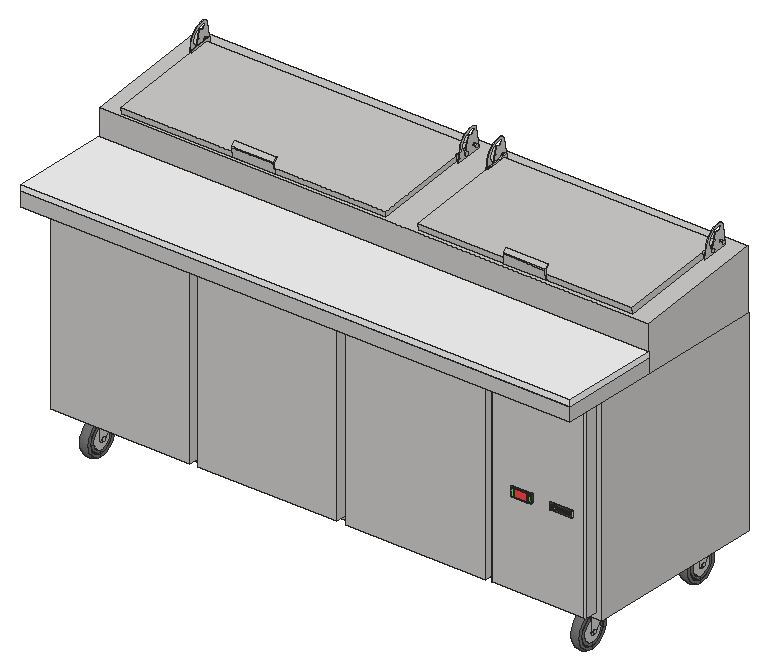
Revit family "QF_MACOM_RPTx-AITP", category Equipamento especial, Revit 2020
Family settings
  Cota do conector redondo = Utilizar diâmetro
  Tipo de parte = Normal
  Número OmniClass = 23.40.40.11.11.11
  Título OmniClass = Refrigerators
  Com base no plano de trabalho = Não
  Sempre na vertical = Sim
  Corte com vazios quando carregada = Não
  Compartilhado = Não
  Ponto de cálculo do ambiente = Não
Parameters (values of type "RPT3-AITP")
  Work Temperature (Gabinete) = "+1ºC a +4ºC"
  Work Temperature (Cabeçote) = "+1ºC a +5ºC"
  Weight [instance] = 0.00 kg
  Watts [instance] = 686 W
  Volume = 1.89 m³
  Volts [instance] = 220 V
  URL = "https://www.acosmacom.com.br/produtos/refrigerador-horizontal-para-preparo-de-pizza/"
  Number of Doors = 3
  Modelo = "RPT3-AITP"
  Location Separate Door = if(Length Actual > 1971 mm, Length Actual / 2, 895 mm)  # 895 mm
  Handle Right = if(Length Actual > 1971 mm, 561.75 mm, 384 mm)  # 384 mm
  Handle Left = if(Length Actual > 1971 mm, 561.75 mm, 474.15 mm)  # 474.15 mm
  Handle Center = Length Actual < 1969 mm  # no
  GN's Capacity (1/3-150) = "9"
  Fabricante = "MACOM"
  Elevação padrão = 0 mm
  Separate Door = if(Length Actual > 1966 mm, 600 mm, 10 mm)  # 600 mm
  Door 4 = Length Actual > 2500 mm  # no
  Door 3 = Length Actual > 1969 mm  # yes
  Descrição = "REFRIG HORIZ PREP TABLE MACOM, PIZZA P/ 9 GNS 1/3-150, 3 PORTAS INOX, 24 TRILHOS, ALTILENO, RODIZIO Ø5-1967X800X900"
  Defrost Power = 1178 W
  Type Comments = ""
  Show Logo [instance] = yes
  Show Clearances [instance] = yes
  Refrigeration Climate Class [instance] = "4"
  Refrigerant Type [instance] = "R134a"
  Point Load [instance] = 0
  Phase [instance] = 1
  Operational Current [instance] = 3.58 A
  Masterspec [instance] = ""
  Length Actual = 1970 mm
  Ingress Protection Code [instance] = "IP 22"
  Identify Quantity as Lot [instance] = yes
  Height Actual [instance] = 1148 mm
  Foodservice Equipment Identifier [instance] = yes
  Elec Conn Connection Height [instance] = 460 mm
  Depth Actual [instance] = 838 mm
  Cycle [instance] = 60 Hz
  Center Handle = Length Actual / 2  # 985 mm
  CE Approved [instance] = yes
  Accessory [instance] = yes
Reference planes
  plane 1 "Centro (Frontal/Traseira)": y = 0
  plane 2: z = 0
  plane 3 "Centro (Esquerda/Direita)": x = 0
  plane 4: z = 857
  plane 5: z = 157
  plane 6: z = 157
  plane 7: y = -626
  plane 8: y = -139
  plane 9: x = 1865
  plane 10: x = 105
  plane 11: z = 847
  plane 12: z = 175.1
  plane 13: x = 1970
  plane 14: x = 1058.6
  plane 15: x = 68.7
  plane 16: through (0, -459.902, 1069.369) normal (0, -0.7071, 0.7071)
  plane 17: z = 1148
  plane 18: y = -838
  plane 19: x = 30.6
  plane 20: x = 558.6
  plane 21: x = 1089.5
  plane 22: x = 557
  plane 23: y = -696
  plane 24: z = 847
  plane 25: x = 1901
  plane 26: x = 1075
  plane 27: x = 1133
  plane 28: x = 1017
  plane 29: through (4267.2, -502.257, 1272.873) normal (0, 0.9925, 0.1219)
  plane 30: through (0, -532.622, 1028.521) normal (0, 0.1219, -0.9925)
  plane 31: x = 1017
  plane 32: x = 1901
  plane 33: x = 68.7
  plane 34: x = 1133
Forms (mm)
  Extrusion 1, solid, material "QF_Metal_Stainless_Steel"
    sketch origin (0, 0, 0) x (0, 1, 0) y (0, 0, 1)
      loop
        line (-39, 857) -> (-696, 857) -> (-696, 157) -> (-39, 157) -> (-39, 857)
    from 0 to 1970 <- "Length Actual"
  Extrusion 2, solid, material "QF_Metal_Stainless_Steel"
    sketch origin (41.5, -360.063, 857) x (0, -1, 0) y (1, 0, 0)
      loop
        line (335.937, 1907) -> (335.937, 1569) -> (375.937, 1569)
        arc (375.937, 1569) -> (379.473, 1570.464) -> (380.937, 1574) r 5
        line (380.937, 1574) -> (380.937, 1902)
        arc (380.937, 1902) -> (379.473, 1905.536) -> (375.937, 1907) r 5
        line (375.937, 1907) -> (335.937, 1907)
    from -10 to -681.9
  Extrusion 3, solid, material "QF_Metal_Stainless_Steel"
    sketch origin (0, 0, 0) x (0, -1, 0) y (0, 0, 1)
      loop
        line (39, 857) -> (483, 857) -> (483, 1017.406) -> (39, 1071.922) -> (39, 857)
    from 0 to -1970
  Extrusion 4, solid, material "QF_Metal_Stainless_Steel"
    sketch origin (0, 0, 0) x (0, -1, 0) y (0, 0, 1)
      loop
        line (483, 857) -> (838, 857) -> (838, 907) -> (483, 907) -> (483, 857)
    from 0 to -1970
  Extrusion 5, solid, material "QF_Plastic-Opaque-White"
    sketch origin (0, 0, 0) x (0, -1, 0) y (0, 0, 1)
      loop
        line (838, 907) -> (838, 927) -> (483, 927) -> (483, 907) -> (838, 907)
    from 0 to -1970
  Extrusion 6, solid, material "QF_Metal_Stainless_Steel"
    sketch origin (68.7, -1524, 1299.535) x (0, 0, 1) y (0, -1, 0)
      loop
        line (-261.417, -1050.568) -> (-280.661, -1052.93) -> (-233.749, -1435.06) -> (-214.505, -1432.698) -> (-261.417, -1050.568)
    from 0 to 1832.3
  Extrusion 7, solid, material "QF_Clearence", visible <- "Show Clearances", detail levels coarse
    sketch origin (68.7, 983.527, 1238.186) x (0, -0.241922, 0.970296) y (0, -0.970296, -0.241922)
      loop
        arc (474.304, 1035.398) -> (395.558, 1319.347) -> (139.094, 1464.447) r 385
        line (139.094, 1464.447) -> (92.174, 1082.317) -> (474.304, 1035.398)
    from 0 to 1832.3
  Extrusion 8, void
    sketch origin (0, -484.439, 927) x (0, -1, 0) y (1, 0, 0)
      loop
        line (-445.439, 1017) -> (-1.439, 1017) -> (-1.439, 1133) -> (-445.439, 1133) -> (-445.439, 1017)
    from 0 to 600 <- "Separate Door"
  Revolve 9, solid, material "QF_Metal_Stainless Steel", detail levels medium+fine
    sketch origin (-0.298, -922.673, 875) x (-1, 0, 0) y (0, -1, 0)
      loop
        line (-42.298, -883.673) -> (-50.298, -883.673) -> (-50.298, -922.673) -> (-33.261, -922.673) -> (-33.261, -885.173) -> (-42.298, -885.173) -> (-42.298, -883.673)
      axis (-50.298, -883.673) -> (-50.298, -922.673)
    angle from 0 to 360
  Revolve 10, solid, material "QF_Metal_Stainless Steel", detail levels medium+fine
    sketch origin (2289.29, -922.673, 875) x (-1, 0, 0) y (0, -1, 0)
      loop
        line (377.29, -883.673) -> (369.29, -883.673) -> (369.29, -922.673) -> (386.327, -922.673) -> (386.327, -885.173) -> (377.29, -885.173) -> (377.29, -883.673)
      axis (369.29, -883.673) -> (369.29, -922.673)
    angle from 0 to 360
  Extrusion 11, solid, material "QF_Metal_Stainless_Steel"
    sketch origin (0, -39, 1903.466) x (0, 0, 1) y (1, 0, 0)
      loop
        circle (-1443.466, 1642) r 9.525
    from 0 to 6.35
Cuts and joins
  Extrusion 8 cuts Extrusion 6
  Extrusion 8 cuts Extrusion 7
Lines and regions (mm)
  model lines, detail levels medium+fine
    curve 1: line (1644.5, -741, 554.1) -> (1724.5, -741, 554.1)
    curve 2: line (1644.5, -741, 559.1) -> (1644.5, -741, 554.1)
    curve 3: line (1724.5, -741, 559.1) -> (1644.5, -741, 559.1)
    curve 4: line (1724.5, -741, 554.1) -> (1724.5, -741, 559.1)
    curve 5: line (1739.5, -741, 554.1) -> (1819.5, -741, 554.1)
    curve 6: line (1739.5, -741, 559.1) -> (1739.5, -741, 554.1)
    curve 7: line (1819.5, -741, 559.1) -> (1739.5, -741, 559.1)
    curve 8: line (1819.5, -741, 554.1) -> (1819.5, -741, 559.1)
    curve 9: line (1834.5, -741, 554.1) -> (1914.5, -741, 554.1)
    curve 10: line (1834.5, -741, 559.1) -> (1834.5, -741, 554.1)
    curve 11: line (1914.5, -741, 559.1) -> (1834.5, -741, 559.1)
    curve 12: line (1914.5, -741, 554.1) -> (1914.5, -741, 559.1)
    curve 13: line (1644.5, -741, 564.1) -> (1724.5, -741, 564.1)
    curve 14: line (1644.5, -741, 569.1) -> (1644.5, -741, 564.1)
    curve 15: line (1724.5, -741, 569.1) -> (1644.5, -741, 569.1)
    curve 16: line (1724.5, -741, 564.1) -> (1724.5, -741, 569.1)
    curve 17: line (1739.5, -741, 564.1) -> (1819.5, -741, 564.1)
    curve 18: line (1739.5, -741, 569.1) -> (1739.5, -741, 564.1)
    curve 19: line (1819.5, -741, 569.1) -> (1739.5, -741, 569.1)
    curve 20: line (1819.5, -741, 564.1) -> (1819.5, -741, 569.1)
    curve 21: line (1834.5, -741, 564.1) -> (1914.5, -741, 564.1)
    curve 22: line (1834.5, -741, 569.1) -> (1834.5, -741, 564.1)
    curve 23: line (1914.5, -741, 569.1) -> (1834.5, -741, 569.1)
    curve 24: line (1914.5, -741, 564.1) -> (1914.5, -741, 569.1)
    curve 25: line (1644.5, -741, 574.1) -> (1724.5, -741, 574.1)
    curve 26: line (1644.5, -741, 579.1) -> (1644.5, -741, 574.1)
    curve 27: line (1724.5, -741, 579.1) -> (1644.5, -741, 579.1)
    curve 28: line (1724.5, -741, 574.1) -> (1724.5, -741, 579.1)
    curve 29: line (1739.5, -741, 574.1) -> (1819.5, -741, 574.1)
    curve 30: line (1739.5, -741, 579.1) -> (1739.5, -741, 574.1)
    curve 31: line (1819.5, -741, 579.1) -> (1739.5, -741, 579.1)
    curve 32: line (1819.5, -741, 574.1) -> (1819.5, -741, 579.1)
    curve 33: line (1834.5, -741, 574.1) -> (1914.5, -741, 574.1)
    curve 34: line (1834.5, -741, 579.1) -> (1834.5, -741, 574.1)
    curve 35: line (1914.5, -741, 579.1) -> (1834.5, -741, 579.1)
    curve 36: line (1914.5, -741, 574.1) -> (1914.5, -741, 579.1)
    curve 37: line (1644.5, -741, 584.1) -> (1724.5, -741, 584.1)
    curve 38: line (1644.5, -741, 589.1) -> (1644.5, -741, 584.1)
    curve 39: line (1724.5, -741, 589.1) -> (1644.5, -741, 589.1)
    curve 40: line (1724.5, -741, 584.1) -> (1724.5, -741, 589.1)
    curve 41: line (1739.5, -741, 584.1) -> (1819.5, -741, 584.1)
    curve 42: line (1739.5, -741, 589.1) -> (1739.5, -741, 584.1)
    curve 43: line (1819.5, -741, 589.1) -> (1739.5, -741, 589.1)
    curve 44: line (1819.5, -741, 584.1) -> (1819.5, -741, 589.1)
    curve 45: line (1834.5, -741, 584.1) -> (1914.5, -741, 584.1)
    curve 46: line (1834.5, -741, 589.1) -> (1834.5, -741, 584.1)
    curve 47: line (1914.5, -741, 589.1) -> (1834.5, -741, 589.1)
    curve 48: line (1914.5, -741, 584.1) -> (1914.5, -741, 589.1)
    curve 49: line (1644.5, -741, 594.1) -> (1724.5, -741, 594.1)
    curve 50: line (1644.5, -741, 599.1) -> (1644.5, -741, 594.1)
    curve 51: line (1724.5, -741, 599.1) -> (1644.5, -741, 599.1)
    curve 52: line (1724.5, -741, 594.1) -> (1724.5, -741, 599.1)
    curve 53: line (1739.5, -741, 594.1) -> (1819.5, -741, 594.1)
    curve 54: line (1739.5, -741, 599.1) -> (1739.5, -741, 594.1)
    curve 55: line (1819.5, -741, 599.1) -> (1739.5, -741, 599.1)
    curve 56: line (1819.5, -741, 594.1) -> (1819.5, -741, 599.1)
    curve 57: line (1834.5, -741, 594.1) -> (1914.5, -741, 594.1)
    curve 58: line (1834.5, -741, 599.1) -> (1834.5, -741, 594.1)
    curve 59: line (1914.5, -741, 599.1) -> (1834.5, -741, 599.1)
    curve 60: line (1914.5, -741, 594.1) -> (1914.5, -741, 599.1)
    curve 61: line (1644.5, -741, 604.1) -> (1724.5, -741, 604.1)
    curve 62: line (1644.5, -741, 609.1) -> (1644.5, -741, 604.1)
    curve 63: line (1724.5, -741, 609.1) -> (1644.5, -741, 609.1)
    curve 64: line (1724.5, -741, 604.1) -> (1724.5, -741, 609.1)
    curve 65: line (1739.5, -741, 604.1) -> (1819.5, -741, 604.1)
    curve 66: line (1739.5, -741, 609.1) -> (1739.5, -741, 604.1)
    curve 67: line (1819.5, -741, 609.1) -> (1739.5, -741, 609.1)
    curve 68: line (1819.5, -741, 604.1) -> (1819.5, -741, 609.1)
    curve 69: line (1834.5, -741, 604.1) -> (1914.5, -741, 604.1)
    curve 70: line (1834.5, -741, 609.1) -> (1834.5, -741, 604.1)
    curve 71: line (1914.5, -741, 609.1) -> (1834.5, -741, 609.1)
    curve 72: line (1914.5, -741, 604.1) -> (1914.5, -741, 609.1)
    curve 73: line (1644.5, -741, 614.1) -> (1724.5, -741, 614.1)
    curve 74: line (1644.5, -741, 619.1) -> (1644.5, -741, 614.1)
    curve 75: line (1724.5, -741, 619.1) -> (1644.5, -741, 619.1)
    curve 76: line (1724.5, -741, 614.1) -> (1724.5, -741, 619.1)
    curve 77: line (1739.5, -741, 614.1) -> (1819.5, -741, 614.1)
    curve 78: line (1739.5, -741, 619.1) -> (1739.5, -741, 614.1)
    curve 79: line (1819.5, -741, 619.1) -> (1739.5, -741, 619.1)
    curve 80: line (1819.5, -741, 614.1) -> (1819.5, -741, 619.1)
    curve 81: line (1834.5, -741, 614.1) -> (1914.5, -741, 614.1)
    curve 82: line (1834.5, -741, 619.1) -> (1834.5, -741, 614.1)
    curve 83: line (1914.5, -741, 619.1) -> (1834.5, -741, 619.1)
    curve 84: line (1914.5, -741, 614.1) -> (1914.5, -741, 619.1)
    curve 85: line (1644.5, -741, 624.1) -> (1724.5, -741, 624.1)
    curve 86: line (1644.5, -741, 629.1) -> (1644.5, -741, 624.1)
    curve 87: line (1724.5, -741, 629.1) -> (1644.5, -741, 629.1)
    curve 88: line (1724.5, -741, 624.1) -> (1724.5, -741, 629.1)
    curve 89: line (1739.5, -741, 624.1) -> (1819.5, -741, 624.1)
    curve 90: line (1739.5, -741, 629.1) -> (1739.5, -741, 624.1)
    curve 91: line (1819.5, -741, 629.1) -> (1739.5, -741, 629.1)
    curve 92: line (1819.5, -741, 624.1) -> (1819.5, -741, 629.1)
    curve 93: line (1834.5, -741, 624.1) -> (1914.5, -741, 624.1)
    curve 94: line (1834.5, -741, 629.1) -> (1834.5, -741, 624.1)
    curve 95: line (1914.5, -741, 629.1) -> (1834.5, -741, 629.1)
    curve 96: line (1914.5, -741, 624.1) -> (1914.5, -741, 629.1)
    curve 97: line (1644.5, -741, 634.1) -> (1724.5, -741, 634.1)
    curve 98: line (1644.5, -741, 639.1) -> (1644.5, -741, 634.1)
    curve 99: line (1724.5, -741, 639.1) -> (1644.5, -741, 639.1)
    curve 100: line (1724.5, -741, 634.1) -> (1724.5, -741, 639.1)
    curve 101: line (1739.5, -741, 634.1) -> (1819.5, -741, 634.1)
    curve 102: line (1739.5, -741, 639.1) -> (1739.5, -741, 634.1)
    curve 103: line (1819.5, -741, 639.1) -> (1739.5, -741, 639.1)
    curve 104: line (1819.5, -741, 634.1) -> (1819.5, -741, 639.1)
    curve 105: line (1834.5, -741, 634.1) -> (1914.5, -741, 634.1)
    curve 106: line (1834.5, -741, 639.1) -> (1834.5, -741, 634.1)
    curve 107: line (1914.5, -741, 639.1) -> (1834.5, -741, 639.1)
    curve 108: line (1914.5, -741, 634.1) -> (1914.5, -741, 639.1)
    curve 109: line (1644.5, -741, 644.1) -> (1724.5, -741, 644.1)
    curve 110: line (1644.5, -741, 649.1) -> (1644.5, -741, 644.1)
    curve 111: line (1724.5, -741, 649.1) -> (1644.5, -741, 649.1)
    curve 112: line (1724.5, -741, 644.1) -> (1724.5, -741, 649.1)
    curve 113: line (1739.5, -741, 644.1) -> (1819.5, -741, 644.1)
    curve 114: line (1739.5, -741, 649.1) -> (1739.5, -741, 644.1)
    curve 115: line (1819.5, -741, 649.1) -> (1739.5, -741, 649.1)
    curve 116: line (1819.5, -741, 644.1) -> (1819.5, -741, 649.1)
    curve 117: line (1834.5, -741, 644.1) -> (1914.5, -741, 644.1)
    curve 118: line (1834.5, -741, 649.1) -> (1834.5, -741, 644.1)
    curve 119: line (1914.5, -741, 649.1) -> (1834.5, -741, 649.1)
    curve 120: line (1914.5, -741, 644.1) -> (1914.5, -741, 649.1)
    curve 121: line (1644.5, -741, 654.1) -> (1724.5, -741, 654.1)
    curve 122: line (1644.5, -741, 659.1) -> (1644.5, -741, 654.1)
    curve 123: line (1724.5, -741, 659.1) -> (1644.5, -741, 659.1)
    curve 124: line (1724.5, -741, 654.1) -> (1724.5, -741, 659.1)
    curve 125: line (1739.5, -741, 654.1) -> (1819.5, -741, 654.1)
    curve 126: line (1739.5, -741, 659.1) -> (1739.5, -741, 654.1)
    curve 127: line (1819.5, -741, 659.1) -> (1739.5, -741, 659.1)
    curve 128: line (1819.5, -741, 654.1) -> (1819.5, -741, 659.1)
    curve 129: line (1834.5, -741, 654.1) -> (1914.5, -741, 654.1)
    curve 130: line (1834.5, -741, 659.1) -> (1834.5, -741, 654.1)
    curve 131: line (1914.5, -741, 659.1) -> (1834.5, -741, 659.1)
    curve 132: line (1914.5, -741, 654.1) -> (1914.5, -741, 659.1)
    curve 133: line (1644.5, -741, 664.1) -> (1724.5, -741, 664.1)
    curve 134: line (1644.5, -741, 669.1) -> (1644.5, -741, 664.1)
    curve 135: line (1724.5, -741, 669.1) -> (1644.5, -741, 669.1)
    curve 136: line (1724.5, -741, 664.1) -> (1724.5, -741, 669.1)
    curve 137: line (1739.5, -741, 664.1) -> (1819.5, -741, 664.1)
    curve 138: line (1739.5, -741, 669.1) -> (1739.5, -741, 664.1)
    curve 139: line (1819.5, -741, 669.1) -> (1739.5, -741, 669.1)
    curve 140: line (1819.5, -741, 664.1) -> (1819.5, -741, 669.1)
    curve 141: line (1834.5, -741, 664.1) -> (1914.5, -741, 664.1)
    curve 142: line (1834.5, -741, 669.1) -> (1834.5, -741, 664.1)
    curve 143: line (1914.5, -741, 669.1) -> (1834.5, -741, 669.1)
    curve 144: line (1914.5, -741, 664.1) -> (1914.5, -741, 669.1)
    curve 145: line (1644.5, -741, 674.1) -> (1724.5, -741, 674.1)
    curve 146: line (1644.5, -741, 679.1) -> (1644.5, -741, 674.1)
    curve 147: line (1724.5, -741, 679.1) -> (1644.5, -741, 679.1)
    curve 148: line (1724.5, -741, 674.1) -> (1724.5, -741, 679.1)
    curve 149: line (1739.5, -741, 674.1) -> (1819.5, -741, 674.1)
    curve 150: line (1739.5, -741, 679.1) -> (1739.5, -741, 674.1)
    curve 151: line (1819.5, -741, 679.1) -> (1739.5, -741, 679.1)
    curve 152: line (1819.5, -741, 674.1) -> (1819.5, -741, 679.1)
    curve 153: line (1834.5, -741, 674.1) -> (1914.5, -741, 674.1)
    curve 154: line (1834.5, -741, 679.1) -> (1834.5, -741, 674.1)
    curve 155: line (1914.5, -741, 679.1) -> (1834.5, -741, 679.1)
    curve 156: line (1914.5, -741, 674.1) -> (1914.5, -741, 679.1)
    curve 157: line (1644.5, -741, 684.1) -> (1724.5, -741, 684.1)
    curve 158: line (1644.5, -741, 689.1) -> (1644.5, -741, 684.1)
    curve 159: line (1724.5, -741, 689.1) -> (1644.5, -741, 689.1)
    curve 160: line (1724.5, -741, 684.1) -> (1724.5, -741, 689.1)
    curve 161: line (1739.5, -741, 684.1) -> (1819.5, -741, 684.1)
    curve 162: line (1739.5, -741, 689.1) -> (1739.5, -741, 684.1)
    curve 163: line (1819.5, -741, 689.1) -> (1739.5, -741, 689.1)
    curve 164: line (1819.5, -741, 684.1) -> (1819.5, -741, 689.1)
    curve 165: line (1834.5, -741, 684.1) -> (1914.5, -741, 684.1)
    curve 166: line (1834.5, -741, 689.1) -> (1834.5, -741, 684.1)
    curve 167: line (1914.5, -741, 689.1) -> (1834.5, -741, 689.1)
    curve 168: line (1914.5, -741, 684.1) -> (1914.5, -741, 689.1)
    curve 169: line (1644.5, -741, 694.1) -> (1724.5, -741, 694.1)
    curve 170: line (1644.5, -741, 699.1) -> (1644.5, -741, 694.1)
    curve 171: line (1724.5, -741, 699.1) -> (1644.5, -741, 699.1)
    curve 172: line (1724.5, -741, 694.1) -> (1724.5, -741, 699.1)
    curve 173: line (1739.5, -741, 694.1) -> (1819.5, -741, 694.1)
    curve 174: line (1739.5, -741, 699.1) -> (1739.5, -741, 694.1)
    curve 175: line (1819.5, -741, 699.1) -> (1739.5, -741, 699.1)
    curve 176: line (1819.5, -741, 694.1) -> (1819.5, -741, 699.1)
    curve 177: line (1834.5, -741, 694.1) -> (1914.5, -741, 694.1)
    curve 178: line (1834.5, -741, 699.1) -> (1834.5, -741, 694.1)
    curve 179: line (1914.5, -741, 699.1) -> (1834.5, -741, 699.1)
    curve 180: line (1914.5, -741, 694.1) -> (1914.5, -741, 699.1)
    curve 181: line (1644.5, -741, 704.1) -> (1724.5, -741, 704.1)
    curve 182: line (1644.5, -741, 709.1) -> (1644.5, -741, 704.1)
    curve 183: line (1724.5, -741, 709.1) -> (1644.5, -741, 709.1)
    curve 184: line (1724.5, -741, 704.1) -> (1724.5, -741, 709.1)
    curve 185: line (1739.5, -741, 704.1) -> (1819.5, -741, 704.1)
    curve 186: line (1739.5, -741, 709.1) -> (1739.5, -741, 704.1)
    curve 187: line (1819.5, -741, 709.1) -> (1739.5, -741, 709.1)
    curve 188: line (1819.5, -741, 704.1) -> (1819.5, -741, 709.1)
    curve 189: line (1834.5, -741, 704.1) -> (1914.5, -741, 704.1)
    curve 190: line (1834.5, -741, 709.1) -> (1834.5, -741, 704.1)
    curve 191: line (1914.5, -741, 709.1) -> (1834.5, -741, 709.1)
    curve 192: line (1914.5, -741, 704.1) -> (1914.5, -741, 709.1)
    curve 193: line (1644.5, -741, 714.1) -> (1724.5, -741, 714.1)
    curve 194: line (1644.5, -741, 719.1) -> (1644.5, -741, 714.1)
    curve 195: line (1724.5, -741, 719.1) -> (1644.5, -741, 719.1)
    curve 196: line (1724.5, -741, 714.1) -> (1724.5, -741, 719.1)
    curve 197: line (1739.5, -741, 714.1) -> (1819.5, -741, 714.1)
    curve 198: line (1739.5, -741, 719.1) -> (1739.5, -741, 714.1)
    curve 199: line (1819.5, -741, 719.1) -> (1739.5, -741, 719.1)
    curve 200: line (1819.5, -741, 714.1) -> (1819.5, -741, 719.1)
    curve 201: line (1834.5, -741, 714.1) -> (1914.5, -741, 714.1)
    curve 202: line (1834.5, -741, 719.1) -> (1834.5, -741, 714.1)
    curve 203: line (1914.5, -741, 719.1) -> (1834.5, -741, 719.1)
    curve 204: line (1914.5, -741, 714.1) -> (1914.5, -741, 719.1)
    curve 205: line (1644.5, -741, 724.1) -> (1724.5, -741, 724.1)
    curve 206: line (1644.5, -741, 729.1) -> (1644.5, -741, 724.1)
    curve 207: line (1724.5, -741, 729.1) -> (1644.5, -741, 729.1)
    curve 208: line (1724.5, -741, 724.1) -> (1724.5, -741, 729.1)
    curve 209: line (1739.5, -741, 724.1) -> (1819.5, -741, 724.1)
    curve 210: line (1739.5, -741, 729.1) -> (1739.5, -741, 724.1)
    curve 211: line (1819.5, -741, 729.1) -> (1739.5, -741, 729.1)
    curve 212: line (1819.5, -741, 724.1) -> (1819.5, -741, 729.1)
    curve 213: line (1834.5, -741, 724.1) -> (1914.5, -741, 724.1)
    curve 214: line (1834.5, -741, 729.1) -> (1834.5, -741, 724.1)
    curve 215: line (1914.5, -741, 729.1) -> (1834.5, -741, 729.1)
    curve 216: line (1914.5, -741, 724.1) -> (1914.5, -741, 729.1)
    curve 217: line (1644.5, -741, 734.1) -> (1724.5, -741, 734.1)
    curve 218: line (1644.5, -741, 739.1) -> (1644.5, -741, 734.1)
    curve 219: line (1724.5, -741, 739.1) -> (1644.5, -741, 739.1)
    curve 220: line (1724.5, -741, 734.1) -> (1724.5, -741, 739.1)
    curve 221: line (1739.5, -741, 734.1) -> (1819.5, -741, 734.1)
    curve 222: line (1739.5, -741, 739.1) -> (1739.5, -741, 734.1)
    curve 223: line (1819.5, -741, 739.1) -> (1739.5, -741, 739.1)
    curve 224: line (1819.5, -741, 734.1) -> (1819.5, -741, 739.1)
    curve 225: line (1834.5, -741, 734.1) -> (1914.5, -741, 734.1)
    curve 226: line (1834.5, -741, 739.1) -> (1834.5, -741, 734.1)
    curve 227: line (1914.5, -741, 739.1) -> (1834.5, -741, 739.1)
    curve 228: line (1914.5, -741, 734.1) -> (1914.5, -741, 739.1)
    curve 229: line (1644.5, -741, 744.1) -> (1724.5, -741, 744.1)
    curve 230: line (1644.5, -741, 749.1) -> (1644.5, -741, 744.1)
    curve 231: line (1724.5, -741, 749.1) -> (1644.5, -741, 749.1)
    curve 232: line (1724.5, -741, 744.1) -> (1724.5, -741, 749.1)
    curve 233: line (1739.5, -741, 744.1) -> (1819.5, -741, 744.1)
    curve 234: line (1739.5, -741, 749.1) -> (1739.5, -741, 744.1)
    curve 235: line (1819.5, -741, 749.1) -> (1739.5, -741, 749.1)
    curve 236: line (1819.5, -741, 744.1) -> (1819.5, -741, 749.1)
    curve 237: line (1834.5, -741, 744.1) -> (1914.5, -741, 744.1)
    curve 238: line (1834.5, -741, 749.1) -> (1834.5, -741, 744.1)
    curve 239: line (1914.5, -741, 749.1) -> (1834.5, -741, 749.1)
    curve 240: line (1914.5, -741, 744.1) -> (1914.5, -741, 749.1)
    curve 241: line (1644.5, -741, 754.1) -> (1724.5, -741, 754.1)
    curve 242: line (1644.5, -741, 759.1) -> (1644.5, -741, 754.1)
    curve 243: line (1724.5, -741, 759.1) -> (1644.5, -741, 759.1)
    curve 244: line (1724.5, -741, 754.1) -> (1724.5, -741, 759.1)
    curve 245: line (1739.5, -741, 754.1) -> (1819.5, -741, 754.1)
    curve 246: line (1739.5, -741, 759.1) -> (1739.5, -741, 754.1)
    curve 247: line (1819.5, -741, 759.1) -> (1739.5, -741, 759.1)
    curve 248: line (1819.5, -741, 754.1) -> (1819.5, -741, 759.1)
    curve 249: line (1834.5, -741, 754.1) -> (1914.5, -741, 754.1)
    curve 250: line (1834.5, -741, 759.1) -> (1834.5, -741, 754.1)
    curve 251: line (1914.5, -741, 759.1) -> (1834.5, -741, 759.1)
    curve 252: line (1914.5, -741, 754.1) -> (1914.5, -741, 759.1)
    curve 253: line (1644.5, -741, 764.1) -> (1724.5, -741, 764.1)
    curve 254: line (1644.5, -741, 769.1) -> (1644.5, -741, 764.1)
    curve 255: line (1724.5, -741, 769.1) -> (1644.5, -741, 769.1)
    curve 256: line (1724.5, -741, 764.1) -> (1724.5, -741, 769.1)
    curve 257: line (1739.5, -741, 764.1) -> (1819.5, -741, 764.1)
    curve 258: line (1739.5, -741, 769.1) -> (1739.5, -741, 764.1)
    curve 259: line (1819.5, -741, 769.1) -> (1739.5, -741, 769.1)
    curve 260: line (1819.5, -741, 764.1) -> (1819.5, -741, 769.1)
    curve 261: line (1834.5, -741, 764.1) -> (1914.5, -741, 764.1)
    curve 262: line (1834.5, -741, 769.1) -> (1834.5, -741, 764.1)
    curve 263: line (1914.5, -741, 769.1) -> (1834.5, -741, 769.1)
    curve 264: line (1914.5, -741, 764.1) -> (1914.5, -741, 769.1)
    curve 265: line (1644.5, -741, 774.1) -> (1724.5, -741, 774.1)
    curve 266: line (1644.5, -741, 779.1) -> (1644.5, -741, 774.1)
    curve 267: line (1724.5, -741, 779.1) -> (1644.5, -741, 779.1)
    curve 268: line (1724.5, -741, 774.1) -> (1724.5, -741, 779.1)
    curve 269: line (1739.5, -741, 774.1) -> (1819.5, -741, 774.1)
    curve 270: line (1739.5, -741, 779.1) -> (1739.5, -741, 774.1)
    curve 271: line (1819.5, -741, 779.1) -> (1739.5, -741, 779.1)
    curve 272: line (1819.5, -741, 774.1) -> (1819.5, -741, 779.1)
    curve 273: line (1834.5, -741, 774.1) -> (1914.5, -741, 774.1)
    curve 274: line (1834.5, -741, 779.1) -> (1834.5, -741, 774.1)
    curve 275: line (1914.5, -741, 779.1) -> (1834.5, -741, 779.1)
    curve 276: line (1914.5, -741, 774.1) -> (1914.5, -741, 779.1)
    curve 277: line (1644.5, -741, 784.1) -> (1724.5, -741, 784.1)
    curve 278: line (1644.5, -741, 789.1) -> (1644.5, -741, 784.1)
    curve 279: line (1724.5, -741, 789.1) -> (1644.5, -741, 789.1)
    curve 280: line (1724.5, -741, 784.1) -> (1724.5, -741, 789.1)
    curve 281: line (1739.5, -741, 784.1) -> (1819.5, -741, 784.1)
    curve 282: line (1739.5, -741, 789.1) -> (1739.5, -741, 784.1)
    curve 283: line (1819.5, -741, 789.1) -> (1739.5, -741, 789.1)
    curve 284: line (1819.5, -741, 784.1) -> (1819.5, -741, 789.1)
    curve 285: line (1834.5, -741, 784.1) -> (1914.5, -741, 784.1)
    curve 286: line (1834.5, -741, 789.1) -> (1834.5, -741, 784.1)
    curve 287: line (1914.5, -741, 789.1) -> (1834.5, -741, 789.1)
    curve 288: line (1914.5, -741, 784.1) -> (1914.5, -741, 789.1)
    curve 289: line (1644.5, -741, 794.1) -> (1724.5, -741, 794.1)
    curve 290: line (1644.5, -741, 799.1) -> (1644.5, -741, 794.1)
    curve 291: line (1724.5, -741, 799.1) -> (1644.5, -741, 799.1)
    curve 292: line (1724.5, -741, 794.1) -> (1724.5, -741, 799.1)
    curve 293: line (1739.5, -741, 794.1) -> (1819.5, -741, 794.1)
    curve 294: line (1739.5, -741, 799.1) -> (1739.5, -741, 794.1)
    curve 295: line (1819.5, -741, 799.1) -> (1739.5, -741, 799.1)
    curve 296: line (1819.5, -741, 794.1) -> (1819.5, -741, 799.1)
    curve 297: line (1834.5, -741, 794.1) -> (1914.5, -741, 794.1)
    curve 298: line (1834.5, -741, 799.1) -> (1834.5, -741, 794.1)
    curve 299: line (1914.5, -741, 799.1) -> (1834.5, -741, 799.1)
    curve 300: line (1914.5, -741, 794.1) -> (1914.5, -741, 799.1)
    curve 301: line (1644.5, -741, 229.1) -> (1724.5, -741, 229.1)
    curve 302: line (1644.5, -741, 234.1) -> (1644.5, -741, 229.1)
    curve 303: line (1724.5, -741, 234.1) -> (1644.5, -741, 234.1)
    curve 304: line (1724.5, -741, 229.1) -> (1724.5, -741, 234.1)
    curve 305: line (1739.5, -741, 229.1) -> (1819.5, -741, 229.1)
    curve 306: line (1739.5, -741, 234.1) -> (1739.5, -741, 229.1)
    curve 307: line (1819.5, -741, 234.1) -> (1739.5, -741, 234.1)
    curve 308: line (1819.5, -741, 229.1) -> (1819.5, -741, 234.1)
    curve 309: line (1834.5, -741, 229.1) -> (1914.5, -741, 229.1)
    curve 310: line (1834.5, -741, 234.1) -> (1834.5, -741, 229.1)
    curve 311: line (1914.5, -741, 234.1) -> (1834.5, -741, 234.1)
    curve 312: line (1914.5, -741, 229.1) -> (1914.5, -741, 234.1)
    curve 313: line (1644.5, -741, 239.1) -> (1724.5, -741, 239.1)
    curve 314: line (1644.5, -741, 244.1) -> (1644.5, -741, 239.1)
    curve 315: line (1724.5, -741, 244.1) -> (1644.5, -741, 244.1)
    curve 316: line (1724.5, -741, 239.1) -> (1724.5, -741, 244.1)
    curve 317: line (1739.5, -741, 239.1) -> (1819.5, -741, 239.1)
    curve 318: line (1739.5, -741, 244.1) -> (1739.5, -741, 239.1)
    curve 319: line (1819.5, -741, 244.1) -> (1739.5, -741, 244.1)
    curve 320: line (1819.5, -741, 239.1) -> (1819.5, -741, 244.1)
    curve 321: line (1834.5, -741, 239.1) -> (1914.5, -741, 239.1)
    curve 322: line (1834.5, -741, 244.1) -> (1834.5, -741, 239.1)
    curve 323: line (1914.5, -741, 244.1) -> (1834.5, -741, 244.1)
    curve 324: line (1914.5, -741, 239.1) -> (1914.5, -741, 244.1)
    curve 325: line (1644.5, -741, 249.1) -> (1724.5, -741, 249.1)
    curve 326: line (1644.5, -741, 254.1) -> (1644.5, -741, 249.1)
    curve 327: line (1724.5, -741, 254.1) -> (1644.5, -741, 254.1)
    curve 328: line (1724.5, -741, 249.1) -> (1724.5, -741, 254.1)
    curve 329: line (1739.5, -741, 249.1) -> (1819.5, -741, 249.1)
    curve 330: line (1739.5, -741, 254.1) -> (1739.5, -741, 249.1)
    curve 331: line (1819.5, -741, 254.1) -> (1739.5, -741, 254.1)
    curve 332: line (1819.5, -741, 249.1) -> (1819.5, -741, 254.1)
    curve 333: line (1834.5, -741, 249.1) -> (1914.5, -741, 249.1)
    curve 334: line (1834.5, -741, 254.1) -> (1834.5, -741, 249.1)
    curve 335: line (1914.5, -741, 254.1) -> (1834.5, -741, 254.1)
    curve 336: line (1914.5, -741, 249.1) -> (1914.5, -741, 254.1)
    curve 337: line (1644.5, -741, 259.1) -> (1724.5, -741, 259.1)
    curve 338: line (1644.5, -741, 264.1) -> (1644.5, -741, 259.1)
    curve 339: line (1724.5, -741, 264.1) -> (1644.5, -741, 264.1)
    curve 340: line (1724.5, -741, 259.1) -> (1724.5, -741, 264.1)
    curve 341: line (1739.5, -741, 259.1) -> (1819.5, -741, 259.1)
    curve 342: line (1739.5, -741, 264.1) -> (1739.5, -741, 259.1)
    curve 343: line (1819.5, -741, 264.1) -> (1739.5, -741, 264.1)
    curve 344: line (1819.5, -741, 259.1) -> (1819.5, -741, 264.1)
    curve 345: line (1834.5, -741, 259.1) -> (1914.5, -741, 259.1)
    curve 346: line (1834.5, -741, 264.1) -> (1834.5, -741, 259.1)
    curve 347: line (1914.5, -741, 264.1) -> (1834.5, -741, 264.1)
    curve 348: line (1914.5, -741, 259.1) -> (1914.5, -741, 264.1)
    curve 349: line (1644.5, -741, 269.1) -> (1724.5, -741, 269.1)
    curve 350: line (1644.5, -741, 274.1) -> (1644.5, -741, 269.1)
    curve 351: line (1724.5, -741, 274.1) -> (1644.5, -741, 274.1)
    curve 352: line (1724.5, -741, 269.1) -> (1724.5, -741, 274.1)
    curve 353: line (1739.5, -741, 269.1) -> (1819.5, -741, 269.1)
    curve 354: line (1739.5, -741, 274.1) -> (1739.5, -741, 269.1)
    curve 355: line (1819.5, -741, 274.1) -> (1739.5, -741, 274.1)
    curve 356: line (1819.5, -741, 269.1) -> (1819.5, -741, 274.1)
    curve 357: line (1834.5, -741, 269.1) -> (1914.5, -741, 269.1)
    curve 358: line (1834.5, -741, 274.1) -> (1834.5, -741, 269.1)
    curve 359: line (1914.5, -741, 274.1) -> (1834.5, -741, 274.1)
    curve 360: line (1914.5, -741, 269.1) -> (1914.5, -741, 274.1)
    curve 361: line (1644.5, -741, 279.1) -> (1724.5, -741, 279.1)
    curve 362: line (1644.5, -741, 284.1) -> (1644.5, -741, 279.1)
    curve 363: line (1724.5, -741, 284.1) -> (1644.5, -741, 284.1)
    curve 364: line (1724.5, -741, 279.1) -> (1724.5, -741, 284.1)
    curve 365: line (1739.5, -741, 279.1) -> (1819.5, -741, 279.1)
    curve 366: line (1739.5, -741, 284.1) -> (1739.5, -741, 279.1)
    curve 367: line (1819.5, -741, 284.1) -> (1739.5, -741, 284.1)
    curve 368: line (1819.5, -741, 279.1) -> (1819.5, -741, 284.1)
    curve 369: line (1834.5, -741, 279.1) -> (1914.5, -741, 279.1)
    curve 370: line (1834.5, -741, 284.1) -> (1834.5, -741, 279.1)
    curve 371: line (1914.5, -741, 284.1) -> (1834.5, -741, 284.1)
    curve 372: line (1914.5, -741, 279.1) -> (1914.5, -741, 284.1)
    curve 373: line (1644.5, -741, 289.1) -> (1724.5, -741, 289.1)
    curve 374: line (1644.5, -741, 294.1) -> (1644.5, -741, 289.1)
    curve 375: line (1724.5, -741, 294.1) -> (1644.5, -741, 294.1)
    curve 376: line (1724.5, -741, 289.1) -> (1724.5, -741, 294.1)
    curve 377: line (1739.5, -741, 289.1) -> (1819.5, -741, 289.1)
    curve 378: line (1739.5, -741, 294.1) -> (1739.5, -741, 289.1)
    curve 379: line (1819.5, -741, 294.1) -> (1739.5, -741, 294.1)
    curve 380: line (1819.5, -741, 289.1) -> (1819.5, -741, 294.1)
    curve 381: line (1834.5, -741, 289.1) -> (1914.5, -741, 289.1)
    curve 382: line (1834.5, -741, 294.1) -> (1834.5, -741, 289.1)
    curve 383: line (1914.5, -741, 294.1) -> (1834.5, -741, 294.1)
    curve 384: line (1914.5, -741, 289.1) -> (1914.5, -741, 294.1)
    curve 385: line (1644.5, -741, 299.1) -> (1724.5, -741, 299.1)
    curve 386: line (1644.5, -741, 304.1) -> (1644.5, -741, 299.1)
    curve 387: line (1724.5, -741, 304.1) -> (1644.5, -741, 304.1)
    curve 388: line (1724.5, -741, 299.1) -> (1724.5, -741, 304.1)
    curve 389: line (1739.5, -741, 299.1) -> (1819.5, -741, 299.1)
    curve 390: line (1739.5, -741, 304.1) -> (1739.5, -741, 299.1)
    curve 391: line (1819.5, -741, 304.1) -> (1739.5, -741, 304.1)
    curve 392: line (1819.5, -741, 299.1) -> (1819.5, -741, 304.1)
    curve 393: line (1834.5, -741, 299.1) -> (1914.5, -741, 299.1)
    curve 394: line (1834.5, -741, 304.1) -> (1834.5, -741, 299.1)
    curve 395: line (1914.5, -741, 304.1) -> (1834.5, -741, 304.1)
    curve 396: line (1914.5, -741, 299.1) -> (1914.5, -741, 304.1)
    curve 397: line (1644.5, -741, 309.1) -> (1724.5, -741, 309.1)
    curve 398: line (1644.5, -741, 314.1) -> (1644.5, -741, 309.1)
    curve 399: line (1724.5, -741, 314.1) -> (1644.5, -741, 314.1)
    curve 400: line (1724.5, -741, 309.1) -> (1724.5, -741, 314.1)
    curve 401: line (1739.5, -741, 309.1) -> (1819.5, -741, 309.1)
    curve 402: line (1739.5, -741, 314.1) -> (1739.5, -741, 309.1)
    curve 403: line (1819.5, -741, 314.1) -> (1739.5, -741, 314.1)
    curve 404: line (1819.5, -741, 309.1) -> (1819.5, -741, 314.1)
    curve 405: line (1834.5, -741, 309.1) -> (1914.5, -741, 309.1)
    curve 406: line (1834.5, -741, 314.1) -> (1834.5, -741, 309.1)
    curve 407: line (1914.5, -741, 314.1) -> (1834.5, -741, 314.1)
    curve 408: line (1914.5, -741, 309.1) -> (1914.5, -741, 314.1)
    curve 409: line (1644.5, -741, 319.1) -> (1724.5, -741, 319.1)
    curve 410: line (1644.5, -741, 324.1) -> (1644.5, -741, 319.1)
    curve 411: line (1724.5, -741, 324.1) -> (1644.5, -741, 324.1)
    curve 412: line (1724.5, -741, 319.1) -> (1724.5, -741, 324.1)
    curve 413: line (1739.5, -741, 319.1) -> (1819.5, -741, 319.1)
    curve 414: line (1739.5, -741, 324.1) -> (1739.5, -741, 319.1)
    curve 415: line (1819.5, -741, 324.1) -> (1739.5, -741, 324.1)
    curve 416: line (1819.5, -741, 319.1) -> (1819.5, -741, 324.1)
    curve 417: line (1834.5, -741, 319.1) -> (1914.5, -741, 319.1)
    curve 418: line (1834.5, -741, 324.1) -> (1834.5, -741, 319.1)
    curve 419: line (1914.5, -741, 324.1) -> (1834.5, -741, 324.1)
    curve 420: line (1914.5, -741, 319.1) -> (1914.5, -741, 324.1)
    curve 421: line (1644.5, -741, 329.1) -> (1724.5, -741, 329.1)
    curve 422: line (1644.5, -741, 334.1) -> (1644.5, -741, 329.1)
    curve 423: line (1724.5, -741, 334.1) -> (1644.5, -741, 334.1)
    curve 424: line (1724.5, -741, 329.1) -> (1724.5, -741, 334.1)
    curve 425: line (1739.5, -741, 329.1) -> (1819.5, -741, 329.1)
    curve 426: line (1739.5, -741, 334.1) -> (1739.5, -741, 329.1)
    curve 427: line (1819.5, -741, 334.1) -> (1739.5, -741, 334.1)
    curve 428: line (1819.5, -741, 329.1) -> (1819.5, -741, 334.1)
    curve 429: line (1834.5, -741, 329.1) -> (1914.5, -741, 329.1)
    curve 430: line (1834.5, -741, 334.1) -> (1834.5, -741, 329.1)
    curve 431: line (1914.5, -741, 334.1) -> (1834.5, -741, 334.1)
    curve 432: line (1914.5, -741, 329.1) -> (1914.5, -741, 334.1)
    curve 433: line (1644.5, -741, 339.1) -> (1724.5, -741, 339.1)
    curve 434: line (1644.5, -741, 344.1) -> (1644.5, -741, 339.1)
    curve 435: line (1724.5, -741, 344.1) -> (1644.5, -741, 344.1)
    curve 436: line (1724.5, -741, 339.1) -> (1724.5, -741, 344.1)
    curve 437: line (1739.5, -741, 339.1) -> (1819.5, -741, 339.1)
    curve 438: line (1739.5, -741, 344.1) -> (1739.5, -741, 339.1)
    curve 439: line (1819.5, -741, 344.1) -> (1739.5, -741, 344.1)
    curve 440: line (1819.5, -741, 339.1) -> (1819.5, -741, 344.1)
    curve 441: line (1834.5, -741, 339.1) -> (1914.5, -741, 339.1)
    curve 442: line (1834.5, -741, 344.1) -> (1834.5, -741, 339.1)
    curve 443: line (1914.5, -741, 344.1) -> (1834.5, -741, 344.1)
    curve 444: line (1914.5, -741, 339.1) -> (1914.5, -741, 344.1)
    curve 445: line (1644.5, -741, 349.1) -> (1724.5, -741, 349.1)
    curve 446: line (1644.5, -741, 354.1) -> (1644.5, -741, 349.1)
    curve 447: line (1724.5, -741, 354.1) -> (1644.5, -741, 354.1)
    curve 448: line (1724.5, -741, 349.1) -> (1724.5, -741, 354.1)
    curve 449: line (1739.5, -741, 349.1) -> (1819.5, -741, 349.1)
    curve 450: line (1739.5, -741, 354.1) -> (1739.5, -741, 349.1)
    curve 451: line (1819.5, -741, 354.1) -> (1739.5, -741, 354.1)
    curve 452: line (1819.5, -741, 349.1) -> (1819.5, -741, 354.1)
    curve 453: line (1834.5, -741, 349.1) -> (1914.5, -741, 349.1)
    curve 454: line (1834.5, -741, 354.1) -> (1834.5, -741, 349.1)
    curve 455: line (1914.5, -741, 354.1) -> (1834.5, -741, 354.1)
    curve 456: line (1914.5, -741, 349.1) -> (1914.5, -741, 354.1)
    curve 457: line (1644.5, -741, 359.1) -> (1724.5, -741, 359.1)
    curve 458: line (1644.5, -741, 364.1) -> (1644.5, -741, 359.1)
    curve 459: line (1724.5, -741, 364.1) -> (1644.5, -741, 364.1)
    curve 460: line (1724.5, -741, 359.1) -> (1724.5, -741, 364.1)
    curve 461: line (1739.5, -741, 359.1) -> (1819.5, -741, 359.1)
    curve 462: line (1739.5, -741, 364.1) -> (1739.5, -741, 359.1)
    curve 463: line (1819.5, -741, 364.1) -> (1739.5, -741, 364.1)
    curve 464: line (1819.5, -741, 359.1) -> (1819.5, -741, 364.1)
    curve 465: line (1834.5, -741, 359.1) -> (1914.5, -741, 359.1)
    curve 466: line (1834.5, -741, 364.1) -> (1834.5, -741, 359.1)
    curve 467: line (1914.5, -741, 364.1) -> (1834.5, -741, 364.1)
    curve 468: line (1914.5, -741, 359.1) -> (1914.5, -741, 364.1)
    curve 469: line (1644.5, -741, 369.1) -> (1724.5, -741, 369.1)
    curve 470: line (1644.5, -741, 374.1) -> (1644.5, -741, 369.1)
    curve 471: line (1724.5, -741, 374.1) -> (1644.5, -741, 374.1)
    curve 472: line (1724.5, -741, 369.1) -> (1724.5, -741, 374.1)
    curve 473: line (1739.5, -741, 369.1) -> (1819.5, -741, 369.1)
    curve 474: line (1739.5, -741, 374.1) -> (1739.5, -741, 369.1)
    curve 475: line (1819.5, -741, 374.1) -> (1739.5, -741, 374.1)
    curve 476: line (1819.5, -741, 369.1) -> (1819.5, -741, 374.1)
    curve 477: line (1834.5, -741, 369.1) -> (1914.5, -741, 369.1)
    curve 478: line (1834.5, -741, 374.1) -> (1834.5, -741, 369.1)
    curve 479: line (1914.5, -741, 374.1) -> (1834.5, -741, 374.1)
    curve 480: line (1914.5, -741, 369.1) -> (1914.5, -741, 374.1)
    curve 481: line (1644.5, -741, 379.1) -> (1724.5, -741, 379.1)
    curve 482: line (1644.5, -741, 384.1) -> (1644.5, -741, 379.1)
    curve 483: line (1724.5, -741, 384.1) -> (1644.5, -741, 384.1)
    curve 484: line (1724.5, -741, 379.1) -> (1724.5, -741, 384.1)
    curve 485: line (1739.5, -741, 379.1) -> (1819.5, -741, 379.1)
    curve 486: line (1739.5, -741, 384.1) -> (1739.5, -741, 379.1)
    curve 487: line (1819.5, -741, 384.1) -> (1739.5, -741, 384.1)
    curve 488: line (1819.5, -741, 379.1) -> (1819.5, -741, 384.1)
    curve 489: line (1834.5, -741, 379.1) -> (1914.5, -741, 379.1)
    curve 490: line (1834.5, -741, 384.1) -> (1834.5, -741, 379.1)
    curve 491: line (1914.5, -741, 384.1) -> (1834.5, -741, 384.1)
    curve 492: line (1914.5, -741, 379.1) -> (1914.5, -741, 384.1)
    curve 493: line (1644.5, -741, 389.1) -> (1724.5, -741, 389.1)
    curve 494: line (1644.5, -741, 394.1) -> (1644.5, -741, 389.1)
    curve 495: line (1724.5, -741, 394.1) -> (1644.5, -741, 394.1)
    curve 496: line (1724.5, -741, 389.1) -> (1724.5, -741, 394.1)
    curve 497: line (1739.5, -741, 389.1) -> (1819.5, -741, 389.1)
    curve 498: line (1739.5, -741, 394.1) -> (1739.5, -741, 389.1)
    curve 499: line (1819.5, -741, 394.1) -> (1739.5, -741, 394.1)
    curve 500: line (1819.5, -741, 389.1) -> (1819.5, -741, 394.1)
    curve 501: line (1834.5, -741, 389.1) -> (1914.5, -741, 389.1)
    curve 502: line (1834.5, -741, 394.1) -> (1834.5, -741, 389.1)
    curve 503: line (1914.5, -741, 394.1) -> (1834.5, -741, 394.1)
    curve 504: line (1914.5, -741, 389.1) -> (1914.5, -741, 394.1)
    curve 505: line (1644.5, -741, 399.1) -> (1724.5, -741, 399.1)
    curve 506: line (1644.5, -741, 404.1) -> (1644.5, -741, 399.1)
    curve 507: line (1724.5, -741, 404.1) -> (1644.5, -741, 404.1)
    curve 508: line (1724.5, -741, 399.1) -> (1724.5, -741, 404.1)
    curve 509: line (1739.5, -741, 399.1) -> (1819.5, -741, 399.1)
    curve 510: line (1739.5, -741, 404.1) -> (1739.5, -741, 399.1)
    curve 511: line (1819.5, -741, 404.1) -> (1739.5, -741, 404.1)
    curve 512: line (1819.5, -741, 399.1) -> (1819.5, -741, 404.1)
    curve 513: line (1834.5, -741, 399.1) -> (1914.5, -741, 399.1)
    curve 514: line (1834.5, -741, 404.1) -> (1834.5, -741, 399.1)
    curve 515: line (1914.5, -741, 404.1) -> (1834.5, -741, 404.1)
    curve 516: line (1914.5, -741, 399.1) -> (1914.5, -741, 404.1)
    curve 517: line (1644.5, -741, 409.1) -> (1724.5, -741, 409.1)
    curve 518: line (1644.5, -741, 414.1) -> (1644.5, -741, 409.1)
    curve 519: line (1724.5, -741, 414.1) -> (1644.5, -741, 414.1)
    curve 520: line (1724.5, -741, 409.1) -> (1724.5, -741, 414.1)
    curve 521: line (1739.5, -741, 409.1) -> (1819.5, -741, 409.1)
    curve 522: line (1739.5, -741, 414.1) -> (1739.5, -741, 409.1)
    curve 523: line (1819.5, -741, 414.1) -> (1739.5, -741, 414.1)
    curve 524: line (1819.5, -741, 409.1) -> (1819.5, -741, 414.1)
    curve 525: line (1834.5, -741, 409.1) -> (1914.5, -741, 409.1)
    curve 526: line (1834.5, -741, 414.1) -> (1834.5, -741, 409.1)
    curve 527: line (1914.5, -741, 414.1) -> (1834.5, -741, 414.1)
    curve 528: line (1914.5, -741, 409.1) -> (1914.5, -741, 414.1)
    curve 529: line (1644.5, -741, 419.1) -> (1724.5, -741, 419.1)
    curve 530: line (1644.5, -741, 424.1) -> (1644.5, -741, 419.1)
    curve 531: line (1724.5, -741, 424.1) -> (1644.5, -741, 424.1)
    curve 532: line (1724.5, -741, 419.1) -> (1724.5, -741, 424.1)
    curve 533: line (1739.5, -741, 419.1) -> (1819.5, -741, 419.1)
    curve 534: line (1739.5, -741, 424.1) -> (1739.5, -741, 419.1)
    curve 535: line (1819.5, -741, 424.1) -> (1739.5, -741, 424.1)
    curve 536: line (1819.5, -741, 419.1) -> (1819.5, -741, 424.1)
    curve 537: line (1834.5, -741, 419.1) -> (1914.5, -741, 419.1)
    curve 538: line (1834.5, -741, 424.1) -> (1834.5, -741, 419.1)
    curve 539: line (1914.5, -741, 424.1) -> (1834.5, -741, 424.1)
    curve 540: line (1914.5, -741, 419.1) -> (1914.5, -741, 424.1)
    curve 541: line (1644.5, -741, 429.1) -> (1724.5, -741, 429.1)
    curve 542: line (1644.5, -741, 434.1) -> (1644.5, -741, 429.1)
    curve 543: line (1724.5, -741, 434.1) -> (1644.5, -741, 434.1)
    curve 544: line (1724.5, -741, 429.1) -> (1724.5, -741, 434.1)
    curve 545: line (1739.5, -741, 429.1) -> (1819.5, -741, 429.1)
    curve 546: line (1739.5, -741, 434.1) -> (1739.5, -741, 429.1)
    curve 547: line (1819.5, -741, 434.1) -> (1739.5, -741, 434.1)
    curve 548: line (1819.5, -741, 429.1) -> (1819.5, -741, 434.1)
    curve 549: line (1834.5, -741, 429.1) -> (1914.5, -741, 429.1)
    curve 550: line (1834.5, -741, 434.1) -> (1834.5, -741, 429.1)
    curve 551: line (1914.5, -741, 434.1) -> (1834.5, -741, 434.1)
    curve 552: line (1914.5, -741, 429.1) -> (1914.5, -741, 434.1)
  symbolic lines
    curve 553: line (0, -39, 0) -> (1970, -39, 0)
    curve 554: line (0, -838, 0) -> (0, -39, 0)
    curve 555: line (1970, -838, 0) -> (0, -838, 0)
    curve 556: line (1970, -39, 0) -> (1970, -838, 0)
    curve 557: line (66.2, -73.283, 0) -> (68.7, -73.283, 0)
    curve 558: line (66.2, -157.567, 0) -> (66.2, -73.283, 0)
    curve 559: line (68.7, -157.567, 0) -> (66.2, -157.567, 0)
    curve 560: line (68.7, -73.283, 0) -> (68.7, -91.302, 0)
    curve 561: line (59.083, -68.138, 0) -> (62.083, -68.138, 0)
    curve 562: line (59.083, -157.466, 0) -> (59.083, -132.876, 0)
    curve 563: line (62.083, -157.466, 0) -> (59.083, -157.466, 0)
    curve 564: line (62.083, -68.138, 0) -> (62.083, -76.909, 0)
    curve 565: line (54.198, -76.909, 0) -> (66.2, -76.909, 0)
    curve 566: line (54.198, -84.854, 0) -> (54.198, -76.909, 0)
    curve 567: line (66.2, -84.854, 0) -> (54.198, -84.854, 0)
    curve 568: line (54.198, -122.903, 0) -> (66.2, -122.903, 0)
    curve 569: line (54.198, -132.876, 0) -> (54.198, -122.903, 0)
    curve 570: line (66.2, -132.876, 0) -> (54.198, -132.876, 0)
    curve 571: line (62.083, -84.854, 0) -> (62.083, -122.903, 0)
    curve 572: line (59.083, -76.909, 0) -> (59.083, -68.138, 0)
    curve 573: line (62.083, -132.876, 0) -> (62.083, -157.466, 0)
    curve 574: line (59.083, -122.903, 0) -> (59.083, -84.854, 0)
    curve 607: line (1901, -73.283, 0) -> (1903.5, -73.283, 0)
    curve 608: line (1901, -157.567, 0) -> (1901, -73.283, 0)
    curve 609: line (1903.5, -157.567, 0) -> (1901, -157.567, 0)
    curve 610: line (1903.5, -73.283, 0) -> (1903.5, -157.567, 0)
    curve 611: line (1907.6, -68.138, 0) -> (1910.6, -68.138, 0)
    curve 612: line (1907.6, -157.466, 0) -> (1907.6, -132.924, 0)
    curve 613: line (1910.6, -157.466, 0) -> (1907.6, -157.466, 0)
    curve 614: line (1910.6, -68.138, 0) -> (1910.6, -76.909, 0)
    curve 615: line (1915.502, -76.909, 0) -> (1903.5, -76.909, 0)
    curve 616: line (1915.502, -84.87, 0) -> (1915.502, -76.909, 0)
    curve 617: line (1903.5, -84.87, 0) -> (1915.502, -84.87, 0)
    curve 618: line (1903.5, -76.909, 0) -> (1903.5, -84.87, 0)
    curve 619: line (1915.502, -122.903, 0) -> (1903.5, -122.903, 0)
    curve 620: line (1915.502, -132.924, 0) -> (1915.502, -122.903, 0)
    curve 621: line (1903.5, -132.924, 0) -> (1915.502, -132.924, 0)
    curve 622: line (1903.5, -122.903, 0) -> (1903.5, -132.924, 0)
    curve 623: line (1912, -37.5, 0) -> (1912, -39, 0)
    curve 624: line (1928, -37.5, 0) -> (1928, -39, 0)
    curve 625: line (1937.037, -37.5, 0) -> (1902.963, -37.5, 0)
    curve 626: line (1902.963, -37.5, 0) -> (1902.963, 0, 0)
    curve 627: line (1902.963, 0, 0) -> (1937.037, 0, 0)
    curve 628: line (1937.037, 0, 0) -> (1937.037, -37.5, 0)
    curve 629: line (42, -37.5, 0) -> (42, -39, 0)
    curve 630: line (58, -37.5, 0) -> (58, -39, 0)
    curve 631: line (67.037, -37.5, 0) -> (32.963, -37.5, 0)
    curve 632: line (32.963, -37.5, 0) -> (32.963, 0, 0)
    curve 633: line (32.963, 0, 0) -> (67.037, 0, 0)
    curve 634: line (67.037, 0, 0) -> (67.037, -37.5, 0)
    curve 635: line (1910.6, -132.924, 0) -> (1910.6, -157.466, 0)
    curve 636: line (1907.6, -122.903, 0) -> (1907.6, -84.87, 0)
    curve 637: line (1910.6, -84.87, 0) -> (1910.6, -122.903, 0)
    curve 638: line (1907.6, -76.909, 0) -> (1907.6, -68.138, 0)
    curve 647: line (68.7, -88.94, 0) -> (1901, -88.94, 0)
    curve 648: line (68.7, -473.432, 0) -> (68.7, -88.94, 0)
    curve 649: line (1901, -473.432, 0) -> (68.7, -473.432, 0)
    curve 650: line (1901, -88.94, 0) -> (1901, -473.432, 0)
    curve 651: line (1970, -483, 0) -> (0, -483, 0)
  symbolic lines, visible <- "Door 3"
    curve 575: line (1017, -73.283, 0) -> (1019.5, -73.283, 0)
    curve 576: line (1017, -473.432, 0) -> (1017, -73.283, 0)
    curve 577: line (1019.5, -157.567, 0) -> (1017, -157.567, 0)
    curve 578: line (1019.5, -73.283, 0) -> (1019.5, -157.567, 0)
    curve 579: line (1023.6, -68.138, 0) -> (1026.6, -68.138, 0)
    curve 580: line (1023.6, -157.466, 0) -> (1023.6, -132.893, 0)
    curve 581: line (1026.6, -157.466, 0) -> (1023.6, -157.466, 0)
    curve 582: line (1026.6, -68.138, 0) -> (1026.6, -76.909, 0)
    curve 583: line (1031.502, -76.909, 0) -> (1019.5, -76.909, 0)
    curve 584: line (1031.502, -84.872, 0) -> (1031.502, -76.909, 0)
    curve 585: line (1019.5, -84.872, 0) -> (1031.502, -84.872, 0)
    curve 586: line (1019.5, -76.909, 0) -> (1019.5, -84.872, 0)
    curve 587: line (1031.502, -122.903, 0) -> (1019.5, -122.903, 0)
    curve 588: line (1031.502, -132.893, 0) -> (1031.502, -122.903, 0)
    curve 589: line (1019.5, -132.893, 0) -> (1031.502, -132.893, 0)
    curve 590: line (1019.5, -122.903, 0) -> (1019.5, -132.893, 0)
    curve 591: line (1123.383, -68.138, 0) -> (1126.383, -68.138, 0)
    curve 592: line (1126.383, -157.466, 0) -> (1123.383, -157.466, 0)
    curve 593: line (1133, -73.283, 0) -> (1130.5, -73.283, 0)
    curve 594: line (1133, -473.432, 0) -> (1133, -73.283, 0)
    curve 595: line (1130.5, -157.567, 0) -> (1133, -157.567, 0)
    curve 596: line (1130.5, -73.283, 0) -> (1130.5, -157.567, 0)
    curve 597: line (1123.383, -157.466, 0) -> (1123.383, -132.903, 0)
    curve 598: line (1126.383, -68.138, 0) -> (1126.383, -77.004, 0)
    curve 599: line (1118.498, -84.872, 0) -> (1130.5, -84.872, 0)
    curve 600: line (1118.498, -77.004, 0) -> (1118.498, -84.872, 0)
    curve 601: line (1130.5, -77.004, 0) -> (1118.498, -77.004, 0)
    curve 602: line (1130.5, -84.872, 0) -> (1130.5, -77.004, 0)
    curve 603: line (1118.498, -132.903, 0) -> (1130.5, -132.903, 0)
    curve 604: line (1118.498, -122.903, 0) -> (1118.498, -132.903, 0)
    curve 605: line (1130.5, -122.903, 0) -> (1118.498, -122.903, 0)
    curve 606: line (1130.5, -132.903, 0) -> (1130.5, -122.903, 0)
    curve 639: line (1126.383, -84.872, 0) -> (1126.383, -122.903, 0)
    curve 640: line (1123.383, -77.004, 0) -> (1123.383, -68.138, 0)
    curve 641: line (1126.383, -132.903, 0) -> (1126.383, -157.466, 0)
    curve 642: line (1123.383, -122.903, 0) -> (1123.383, -84.872, 0)
    curve 643: line (1026.6, -132.893, 0) -> (1026.6, -157.466, 0)
    curve 644: line (1023.6, -122.903, 0) -> (1023.6, -84.872, 0)
    curve 645: line (1026.6, -84.872, 0) -> (1026.6, -122.903, 0)
    curve 646: line (1023.6, -76.909, 0) -> (1023.6, -68.138, 0)
Dimensions and locks
  locked: Extrusion 1 sketch curve to Extrusion 1 sketch curve at 657
  locked: Extrusion 1 sketch curve to Extrusion 1 sketch curve at 700
  locked: plane 1 "Centro (Frontal/Traseira)" to Extrusion 1 sketch curve at 39
  locked: plane 5 to level at 157
  locked: plane 7 to Extrusion 1 at 70
  locked: Extrusion 1 to plane 8 at 100
  locked: plane 10 to plane 3 "Centro (Esquerda/Direita)" at 105
  locked: Extrusion 2 sketch curve to Extrusion 2 sketch curve at 338
  locked: Extrusion 1 to Extrusion 2 sketch curve at 45
  locked: plane 4 to plane 11 at 10
  "Length Actual": plane 13 to plane 3 "Centro (Esquerda/Direita)"
  locked: Extrusion 3 sketch curve to Extrusion 3 sketch curve at 444
  locked: Extrusion 4 sketch curve to Extrusion 4 sketch curve at 50
  locked: Extrusion 4 sketch curve to Extrusion 4 sketch curve at 355
  Extrusion 6 sketch curve to Extrusion 6 sketch curve = 385.487 mm
  Extrusion 6 sketch curve to Extrusion 3 = 11.93 mm
  "Depth Actual": plane 18 to plane 1 "Centro (Frontal/Traseira)"
  locked: plane 15 to plane 3 "Centro (Esquerda/Direita)" at 68.7
  locked: plane 6 to plane 24 at 690
  locked: Extrusion 2 sketch curve to plane 13 at 21.5
  locked: plane 13 to plane 25 at 69
  locked: plane 13 to nested 5 at 68.5
  locked: plane 13 to nested 6 at 211
  locked: plane 13 to plane 9 at 105
  locked: plane 13 to plane 21 at 880.5
  locked: plane 21 to plane 22 at 532.5
  Extrusion 8 sketch curve to plane 26 to Extrusion 8 sketch curve = 58 mm locked, 58 mm locked
  "Location Separate Door": plane 26 to plane 13
  "Center Handle": plane 13 to nested 14
  "Handle Right": cut or joined group of Extrusion 7, Extrusion 8 to nested 15
  "Handle Left": nested 13 to cut or joined group of Extrusion 7, Extrusion 8
  locked: plane 9 to nested 16 at 38.5
  locked: nested 17 to cut or joined group of Extrusion 6, Extrusion 8 at 116
  "Height Actual": plane 17 to level
  locked: nested 19 to cut or joined group of Extrusion 6, Extrusion 8 at 113.5
  locked: Revolve 10 sketch curve to plane 13 at 50
  locked: plane 3 "Centro (Esquerda/Direita)" to Revolve 9 sketch curve at 50
  "Elec Conn Connection Height": level to Extrusion 11 sketch curve
  locked: plane 13 to Extrusion 11 sketch curve at 328
  locked: Extrusion 4 to Extrusion 5 sketch curve at 20
  aligned and locked: level to plane 2
  aligned and locked: plane 4 to Extrusion 1
  aligned and locked: plane 5 to Extrusion 1
  aligned and locked: plane 6 to nested 4
  aligned and locked: plane 6 to nested 3
  aligned and locked: plane 6 to nested 2
  aligned and locked: plane 6 to nested 1
  aligned and locked: plane 5 to plane 6
  aligned and locked: plane 7 to nested 4
  aligned and locked: plane 7 to nested 2
  aligned and locked: plane 8 to nested 3
  aligned and locked: plane 8 to nested 1
  aligned and locked: plane 9 to nested 3
  aligned and locked: plane 9 to nested 4
  aligned and locked: plane 10 to nested 1
  aligned and locked: plane 10 to nested 2
  aligned and locked: plane 11 to Extrusion 2
  aligned and locked: Extrusion 2 to plane 12
  aligned and locked: Extrusion 5 sketch curve to Extrusion 4  (x2)
  aligned and locked: plane 15 to Extrusion 6
  aligned and locked: plane 18 to Extrusion 4
  aligned and locked: Extrusion 7 to Extrusion 6
  aligned and locked: plane 21 to nested 12
  aligned and locked: plane 20 to nested 10
  aligned and locked: plane 19 to nested 9
  aligned and locked: plane 22 to nested 11
  aligned and locked: plane 23 to nested 9
  aligned and locked: plane 23 to nested 10
  aligned and locked: plane 23 to nested 11
  aligned and locked: plane 23 to nested 12
  aligned and locked: plane 23 to Extrusion 1
  aligned and locked: plane 24 to nested 9
  aligned and locked: plane 24 to nested 10
  aligned and locked: plane 24 to nested 11
  aligned and locked: plane 24 to nested 12
  aligned and locked: Extrusion 1 to Extrusion 4
  aligned and locked: Extrusion 1 to Extrusion 3
  aligned and locked: Extrusion 1 to Extrusion 5
  aligned and locked: plane 25 to Extrusion 6
  aligned and locked: plane 14 to nested 7
  aligned and locked: plane 14 to nested 8
  aligned and locked: plane 14 to nested 10
  aligned and locked: Extrusion 8 sketch curve to Extrusion 1
  aligned and locked: plane 27 to Extrusion 8
  aligned and locked: plane 28 to Extrusion 8
  aligned and locked: plane 29 to nested 15
  aligned and locked: plane 29 to nested 14
  aligned and locked: plane 29 to nested 13
  aligned and locked: plane 33 to nested 18
  aligned and locked: plane 28 to plane 31
  aligned and locked: plane 27 to plane 34
  aligned and locked: plane 33 to plane 15
  aligned and locked: plane 32 to plane 25
